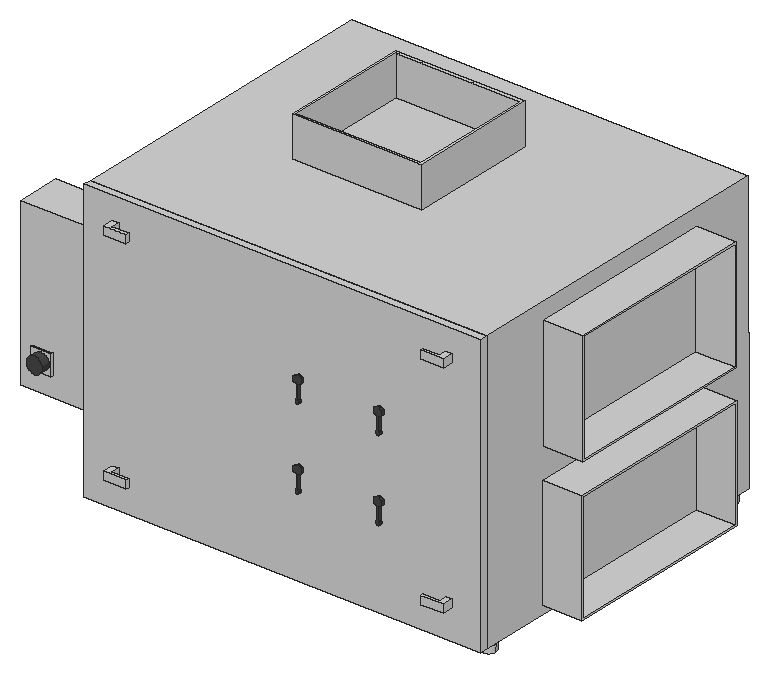
Revit family "Ventilator-RenewAire-Energy-Recovery-HE2XINH-Bypass", category Mechanical Equipment, Revit 2015
Parameters (values of type "1.5 HP 120V Single Phase")
  Voltage = "120"
  Ventilation Type = "Static Plate, Heat and Humidity Transfer"
  Unit Width = "43\""
  Unit Weight = "433-619 lbs."
  Unit Length = "64-1/2\""
  Unit Height = "35-1/2\""
  Unit = Metal - RenewAire - Anodized - Gray Text
  URL = "www.renewaire.com"
  Typical Airflow Range = "500-2,200 CFM"
  Standard Features = "TEFC Premium efficiency motors, Motor starters, Non-Fused Disconnect, 24VAC Transformer/Relay Package"
  Shipping Weight = "714 lbs."
  Service Area Visibility = no
  Service Area Box = Interference - RenewAire - Smooth - Light - Gold
  Revit Object Download Link = ""
  Phase = "Single"
  Options = "Integrated programmable controls, Fused disconnect, Double wall construction, Factory supplied and mounted variable frequency drives (VFDs) – one or both airstreams, Class 1 low leakage motorized isolation dampers – FA, EA or both airstreams, Qty. 2 Factory mounted filter alarms, Exterior Paint - white, custom colors, Bypass economizer (see bypass DIM drawing) – dry bulb temperature controls (standard), enthalpy controls (option)"
  Optional Motorized Damper - FA = yes
  Optional Motorized Damper - EA = yes
  Number Motors = "Qty. 2, Belt drive blower/standard motor packages with adjustable sheaves"
  Model = "HE 2XINH-Bypass"
  Minimum Circuit Amps = "34.2 A"
  Maximum Overcurrent Protection = "45 A"
  Max. Shipping Width = "47\""
  Max. Shipping Length = "70\""
  Max. Shipping Height = "40\""
  Manufacturer = "RenewAire LLC"
  Frequency = "60 HZ"
  FLA per Motor = "15.2"
  Description = "Energy Recovery Ventilator"
  Connector Base Material = Glass - With - Transparency
  Accessories = "Filters - MERV 13, 2\" (shipped loose), Digital time clock - wall mount(TC7D-W), in exterior enclosure (TC7D-E), Motion occupancy control - ceiling mount(MC-C), wall mount(MC-W), Carbon dioxide control - wall mount (CO2-W), duct mount(CO2-D), Electric duct heater – EK series (1-60 KW), Indirect gas-fired duct furnace - GH Series (50-400 MBH), installed downstream of any fans"
  AHRI 1060 Certified Core = "Two L125-G5"
Types (11): name | Voltage | Phase | Options | Minimum Circuit Amps | Maximum Overcurrent Protection | FLA per Motor
  (no name) | "120" | "Single" | "Integrated programmable controls, Fused disconnect, Double wall construction, Factory supplied and mounted variable frequency drives (VFDs) – one or both airstreams, Class 1 low leakage motorized isolation dampers – FA, EA or both airstreams, Qty. 2 Factory mounted filter alarms, Exterior Paint - white, custom colors, Bypass economizer (see bypass DIM drawing) – dry bulb temperature controls (standard), enthalpy controls (option)" | "34.2 A" | "45 A" | "15.2"
  1.5 HP 120V Single Phase | "120" | "Single" | "Integrated programmable controls, Fused disconnect, Double wall construction, Factory supplied and mounted variable frequency drives (VFDs) – one or both airstreams, Class 1 low leakage motorized isolation dampers – FA, EA or both airstreams, Qty. 2 Factory mounted filter alarms, Exterior Paint - white, custom colors, Bypass economizer (see bypass DIM drawing) – dry bulb temperature controls (standard), enthalpy controls (option)" | "34.2 A" | "45 A" | "15.2"
  1.5 HP 208-230V Single Phase | "208-230" | "Single" | "Integrated programmable controls, Fused disconnect, Double wall construction, Factory supplied and mounted variable frequency drives (VFDs) – one or both airstreams, Class 1 low leakage motorized isolation dampers – OA, RA or both airstreams, Qty. 2 Factory mounted filter alarms, Exterior Paint - white, custom colors, Bypass economizer (see bypass DIM drawing) – dry bulb temperature controls (standard), enthalpy controls (option)" | "18.5 A" | "25 A" | "8.2-7.6"
  1.5 HP 208-230V Three Phase | "208-230" | "Three" | "Integrated programmable controls, Fused disconnect, Double wall construction, Factory supplied and mounted variable frequency drives (VFDs) – one or both airstreams, Class 1 low leakage motorized isolation dampers – OA, RA or both airstreams, Qty. 2 Factory mounted filter alarms, Exterior Paint - white, custom colors, Bypass economizer (see bypass DIM drawing) – dry bulb temperature controls (standard), enthalpy controls (option)" | "10.8 A" | "15 A" | "4.6-4.8"
  1.5 HP 460V Three Phase | "460" | "Three" | "Integrated programmable controls, Fused disconnect, Double wall construction, Factory supplied and mounted variable frequency drives (VFDs) – one or both airstreams, Class 1 low leakage motorized isolation dampers – OA, RA or both airstreams, Qty. 2 Factory mounted filter alarms, Exterior Paint - white, custom colors, Bypass economizer (see bypass DIM drawing) – dry bulb temperature controls (standard), enthalpy controls (option)" | "5.4 A" | "15 A" | "2.4"
  1.5 HP 575V Three Phase | "575" | "Three" | "Integrated programmable controls, Fused disconnect, Double wall construction, Factory supplied and mounted variable frequency drives (VFDs) – one or both airstreams, Class 1 low leakage motorized isolation dampers – OA, RA or both airstreams, Qty. 2 Factory mounted filter alarms, Exterior Paint - white, custom colors, Bypass economizer (see bypass DIM drawing) – dry bulb temperature controls (standard), enthalpy controls (option)" | "4.1 A" | "15 A" | "1.8"
  2.0 HP 120V Single Phase | "120" | "Single" | "Integrated programmable controls, Fused disconnect, Double wall construction, Factory supplied and mounted variable frequency drives (VFDs) – one or both airstreams, Class 1 low leakage motorized isolation dampers – OA, RA or both airstreams, Qty. 2 Factory mounted filter alarms, Exterior Paint - white, custom colors, Bypass economizer (see bypass DIM drawing) – dry bulb temperature controls (standard), enthalpy controls (option)" | "45.0 A" | "60 A" | "20.0"
  2.0 HP 208-230V Single Phase | "208-230" | "Single" | "Integrated programmable controls, Fused disconnect, Double wall construction, Factory supplied and mounted variable frequency drives (VFDs) – one or both airstreams, Class 1 low leakage motorized isolation dampers – OA, RA or both airstreams, Qty. 2 Factory mounted filter alarms, Exterior Paint - white, custom colors, Bypass economizer (see bypass DIM drawing) – dry bulb temperature controls (standard), enthalpy controls (option)" | "24.3 A" | "35 A" | "10.8-10.0"
  2.0 HP 208-230V Three Phase | "208-230" | "Three" | "Integrated programmable controls, Fused disconnect, Double wall construction, Factory supplied and mounted variable frequency drives (VFDs) – one or both airstreams, Class 1 low leakage motorized isolation dampers – OA, RA or both airstreams, Qty. 2 Factory mounted filter alarms, Exterior Paint - white, custom colors, Bypass economizer (see bypass DIM drawing) – dry bulb temperature controls (standard), enthalpy controls (option)" | "14.9 A" | "20 A" | "6.6-5.8"
  2.0 HP 460V Three Phase | "460" | "Three" | "Integrated programmable controls, Fused disconnect, Double wall construction, Factory supplied and mounted variable frequency drives (VFDs) – one or both airstreams, Class 1 low leakage motorized isolation dampers – OA, RA or both airstreams, Qty. 2 Factory mounted filter alarms, Exterior Paint - white, custom colors, Bypass economizer (see bypass DIM drawing) – dry bulb temperature controls (standard), enthalpy controls (option)" | "6.5 A" | "15 A" | "2.9"
  2.0 HP 575V Three Phase | "575" | "Three" | "Integrated programmable controls, Fused disconnect, Double wall construction, Factory supplied and mounted variable frequency drives (VFDs) – one or both airstreams, Class 1 low leakage motorized isolation dampers – OA, RA or both airstreams, Qty. 2 Factory mounted filter alarms, Exterior Paint - white, custom colors, Bypass economizer (see bypass DIM drawing) – dry bulb temperature controls (standard), enthalpy controls (option)" | "5.4 A" | "15 A" | "2.4"
Reference planes (in)
  plane 1 "Center (Front/Back)": y = 0
  plane 2: z = 0
  plane 3 "Center (Left/Right)": x = 0
Forms (in)
  Extrusion 1, solid, material "Metal - RenewAire - Anodized - Gray Text" <- "Unit"
    sketch origin (0, 0, 0) x (1, 0, 0) y (0, 0, 1)
      loop
        line (-24.5625, 34.75) -> (-24.5625, 0) -> (24.5625, 0) -> (24.5625, 34.75) -> (-24.5625, 34.75)
    from 20.25 to -20.25
  Extrusion 2, solid, material "Metal - RenewAire - Anodized - Gray Text"
    sketch origin (0, 0, 0) x (1, 0, 0) y (0, 0, 1)
      loop
        line (-24.5625, 34.75) -> (-24.5625, 0) -> (24.5625, 0) -> (24.5625, 34.75) -> (-24.5625, 34.75)
    from 21.25 to 20.25
  Extrusion 3, solid, material "Metal - RenewAire - Anodized - Gray Text"
    sketch origin (0, 0, 0) x (0, 1, 0) y (0, 0, 1)
      loop
        line (-11.75, 14.982) -> (-11.75, 1.125) -> (12.25, 1.125) -> (12.25, 14.982) -> (-11.75, 14.982)
      loop
        line (-11.625, 14.857) -> (-11.625, 1.25) -> (12.125, 1.25) -> (12.125, 14.857) -> (-11.625, 14.857)
    from 29.5625 to 24.5625
  Extrusion 4, solid, material "Metal - RenewAire - Anodized - Gray Text"
    sketch origin (0, 0, 0) x (0, 1, 0) y (0, 0, 1)
      loop
        line (-11.625, 32.732) -> (-11.625, 18.732) -> (12.125, 18.732) -> (12.125, 32.732) -> (-11.625, 32.732)
      loop
        line (-11.5, 32.607) -> (-11.5, 18.857) -> (12, 18.857) -> (12, 32.607) -> (-11.5, 32.607)
    from 29.5625 to 24.5625
  Extrusion 5, solid, material "Metal - RenewAire - Anodized - Gray Text"
    sketch origin (0, 0, 0) x (0, 1, 0) y (0, 0, 1)
      loop
        line (11.25, 13) -> (-4.75, 13) -> (-4.75, 1) -> (11.25, 1) -> (11.25, 13)
      loop
        line (11.125, 12.875) -> (-4.625, 12.875) -> (-4.625, 1.125) -> (11.125, 1.125) -> (11.125, 12.875)
    from -24.5625 to -25.8125
  Extrusion 6, solid, material "Metal - RenewAire - Anodized - Gray Text"
    sketch origin (0, 0, 16.5) x (0, 1, 0) y (0, 0, 1)
      loop
        line (11.25, 13) -> (-4.75, 13) -> (-4.75, 1) -> (11.25, 1) -> (11.25, 13)
      loop
        line (11.125, 12.875) -> (-4.625, 12.875) -> (-4.625, 1.125) -> (11.125, 1.125) -> (11.125, 12.875)
    from -24.5625 to -25.8125
  Extrusion 7, solid, material "Metal - RenewAire - Anodized - Gray Text"
    sketch origin (0, 0, 0) x (1, 0, 0) y (0, 1, 0)
      loop
        line (20.3125, -21.25) -> (20.3125, -22.25) -> (18.25, -22.25) -> (18.25, -22.625) -> (21.0625, -22.625) -> (21.0625, -21.25) -> (20.3125, -21.25)
    from 4.75 to 3.75
  Extrusion 8, solid, material "Metal - RenewAire - Anodized - Gray Text"
    sketch origin (0, 0, 0) x (1, 0, 0) y (0, 1, 0)
      loop
        line (20.3125, -21.25) -> (20.3125, -22.25) -> (18.25, -22.25) -> (18.25, -22.625) -> (21.0625, -22.625) -> (21.0625, -21.25) -> (20.3125, -21.25)
    from 31 to 32
  Extrusion 9, solid, material "Metal - RenewAire - Anodized - Gray Text"
    sketch origin (0, 0, 31) x (0, 1, 0) y (-1, 0, 0)
      loop
        line (-21.25, 20.3125) -> (-21.25, 21.0625) -> (-22.625, 21.0625) -> (-22.625, 18.25) -> (-22.25, 18.25) -> (-22.25, 20.3125) -> (-21.25, 20.3125)
    from -26.25 to -27.25
  Extrusion 10, solid, material "Metal - RenewAire - Anodized - Gray Text"
    sketch origin (0, 0, 31) x (0, 1, 0) y (-1, 0, 0)
      loop
        line (-21.25, 20.3125) -> (-21.25, 21.0625) -> (-22.625, 21.0625) -> (-22.625, 18.25) -> (-22.25, 18.25) -> (-22.25, 20.3125) -> (-21.25, 20.3125)
    from 0 to 1
  Extrusion 11, solid, material "Metal - RenewAire - Anodized - Gray Text" <- "Unit"
    sketch origin (0, 0, 0) x (0, 1, 0) y (0, 0, 1)
      loop
        line (-12.75, 28) -> (-18.25, 28) -> (-18.25, 7.5) -> (-12.75, 7.5) -> (-12.75, 28)
    from -24.5625 to -34.875
  Extrusion 12, solid, material "Metal - RenewAire - Anodized - Gray Text"
    sketch origin (0, 0, 0) x (1, 0, 0) y (0, 0, 1)
      loop
        line (-33.375, 12.5) -> (-33.375, 10) -> (-30.875, 10) -> (-30.875, 12.5) -> (-33.375, 12.5)
    from 18.25 to 18.5
  Extrusion 13, solid, material "MonitorPorts"
    sketch origin (0, 0, 0) x (1, 0, 0) y (0, 0, 1)
      loop
        circle (-32.125, 11.25) r 1
    from 19.5 to 18.5
  Extrusion 14, solid, material "Interference - RenewAire - Smooth - Light - Gold" <- "Service Area Box", visible <- "Service Area Visibility"
    sketch origin (0, 0, 0) x (1, 0, 0) y (0, 0, 1)
      loop
        line (-34.875, 34.75) -> (-34.875, 0) -> (24.5625, 0) -> (24.5625, 34.75) -> (-34.875, 34.75)
    from 41.375 to 21.25
  Extrusion 15, solid, material "Metal - RenewAire - Anodized - Gray Text"
    sketch origin (0, 0, 0) x (1, 0, 0) y (0, 1, 0)
      loop
        circle (-23.9375, 18.125) r 0.875
      loop
        circle (23.9375, 18.125) r 0.875
      loop
        circle (-23.9375, -19.125) r 0.875
      loop
        circle (23.9375, -19.125) r 0.875
    from 0 to -0.75
  Extrusion 16, solid, material "Metal - RenewAire - Anodized - Gray Text"
    sketch origin (0, 0, 0) x (1, 0, 0) y (0, 1, 0)
      loop
        line (-11.9375, 11.25) -> (-11.9375, -4.75) -> (4.0625, -4.75) -> (4.0625, 11.25) -> (-11.9375, 11.25)
      loop
        line (-11.6875, 11) -> (-11.6875, -4.5) -> (3.8125, -4.5) -> (3.8125, 11) -> (-11.6875, 11)
    from 39.75 to 34.75
Dimensions and locks (in)
  aligned and locked: level to plane 2
Nested families (in)
  nested 1: "Monitoring Port" at (12.0625, -21.25, 9.864), type "Monitoring Port"
  nested 2: "Monitoring Port" at (12.0625, -21.25, 19.864), type "Monitoring Port"
  nested 3: "Monitoring Port" at (2.0625, -21.25, 9.864), type "Monitoring Port"
  nested 4: "Monitoring Port" at (2.0625, -21.25, 19.864), type "Monitoring Port"
Connectors (in)
  hvac at (-24.5625, 3.25, 23.5)
    settings: on Extrusion 6, index 1, duct flow 0 CFM, flow factor 0, pres drop 0.00 in-wg, loss coef 0, conn angle 0.00°, conn width 16", conn height 12", conn diameter 24", duct sys type 3, conn prof type 1, flow config 0, flow direction 2, loss method 0, conn ref index -1, conn util no, is conn primary yes, conn desc "EA (Exhaust Air)"
  hvac at (-24.5625, 3.25, 7)
    settings: on Extrusion 5, index 2, duct flow 0 CFM, flow factor 0, pres drop 0.00 in-wg, loss coef 0, conn angle 0.00°, conn width 16", conn height 12", conn diameter 24", duct sys type 1, conn prof type 1, flow config 0, flow direction 2, loss method 0, conn ref index -1, conn util no, is conn primary no, conn desc "FA (Fresh Air)"
  hvac at (24.5625, 0.25, 8.0535)
    settings: on Extrusion 3, index 3, duct flow 0 CFM, flow factor 0, pres drop 0.00 in-wg, loss coef 0, conn angle 0.00°, conn width 24", conn height 14", conn diameter 24", duct sys type 2, conn prof type 1, flow config 0, flow direction 1, loss method 0, conn ref index -1, conn util no, is conn primary no, conn desc "RA (Room Air)"
  hvac at (24.5625, 0.25, 25.732)
    settings: on Extrusion 4, index 4, duct flow 0 CFM, flow factor 0, pres drop 0.00 in-wg, loss coef 0, conn angle 0.00°, conn width 24", conn height 14", conn diameter 24", duct sys type 4, conn prof type 1, flow config 0, flow direction 1, loss method 0, conn ref index -1, conn util no, is conn primary no, conn desc "OA (Outside Air)"
  hvac at (-3.9375, 3.25, 34.75)
    settings: on Extrusion 16, index 5, duct flow 0 CFM, flow factor 0, pres drop 0.00 in-wg, loss coef 0, conn angle 0.00°, conn width 16", conn height 16", conn diameter 24", duct sys type 4, conn prof type 1, flow config 0, flow direction 1, loss method 0, conn ref index -1, conn util no, is conn primary no, conn desc "BP (Bypass Air)"
Definition of nested family "Monitoring Port"
  Parameters
    URL = "www.renewaire.com"
    Revit Object Download Link = ""
    Model = ""
    Manufacturer = "RenewAire LLC"
    Description = "Monitoring Ports"
  Reference planes (in)
    plane 1 "Center (Front/Back)": y = 0
    plane 2: z = 0
    plane 3 "Center (Left/Right)": x = 0
  Forms (in)
    Extrusion 1, solid
      sketch origin (-9.43348, 0, 37.76669) x (-1, 0, 0) y (0, 0, -1)
        loop
          line (-9.53348, 35.65895) -> (-9.94097, 35.42369) -> (-9.94097, 34.83769) -> (-9.43348, 34.54469) -> (-8.92599, 34.83769) -> (-8.92599, 35.42369) -> (-9.33348, 35.65895) -> (-9.33348, 37.28756)
          arc (-9.33348, 37.28756) -> (-9.43348, 37.76669) -> (-9.53348, 37.28756) r 0.25
          line (-9.53348, 37.28756) -> (-9.53348, 35.65895)
      from 0 to 0.25
  Dimensions and locks (in)
    aligned and locked: level to plane 2
